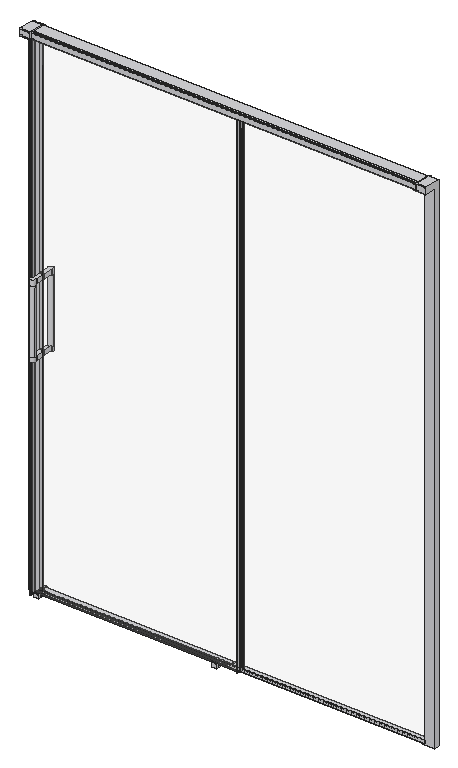
Revit family "Shower-Shower_Door-KOHLER-COMPOSED-1.1922.021_1", category Specialty Equipment, host Face, Revit 2017
Family settings
  Host = Face
  Round Connector Dimension = Use Diameter
  Part Type = Normal
  OmniClass Number = 23.31.17.17
  OmniClass Title = Shower Enclosures
  Cut with Voids When Loaded = No
  Shared = No
  Room Calculation Point = No
Parameters (values of type "Polished Chrome")
  Width [instance] = 63"
  WaterSense Certified = 1 = 0  # no
  URL = "https://www.kohler.co.uk/"
  Type = 1
  Product Page URL = ""
  Product Name = "COMPOSED"  # constant formula
  Product Documentation Link = ""
  Model = "1.1922.021"  # constant formula
  Material = "Premium Metal Construction"  # constant formula
  Master Format 2014 Name = "Shower Doors"  # constant formula
  Master Format 2014 = "10 28 19.16"  # constant formula
  Manufacturer Address = "Cromwell Road, Cheltenham, Gloucestershire. GL52 5EP Registered in England No. 252115\r\n"  # constant formula
  Manufacturer = "KOHLER Co."  # constant formula
  Length = 4 85/256"  # constant formula
  Height = 78 105/128"  # constant formula
  Head Clearance = 77 51/64"  # constant formula
  Finish = Kohler-Metal-CP-Polished_Chrome
  Environmental Product Declaration = ""
  Description = "SLIDING DOOR INLINE 1600"  # constant formula
  Default Elevation = 4"
  Declare Label = ""
  Date Modified = "10/21/2021"  # constant formula
  Date Created = "10/21/2021"  # constant formula
  Copyright = "Copyright KOHLER Co."  # constant formula
  Contact Us = "https://www.kohler.co.uk/support/contact/"
  Assembly Code = "C1030200"
  ADA Compliant = 1 = 0  # no
Reference planes (in)
  plane 1 "Center (Front/Back)": y = 0
  plane 2: z = 0
  plane 3 "Center (Left/Right)": x = 0
  plane 4: x = -33.14961
  plane 5: x = -30.59055
  plane 6: x = 29.85039
  plane 7: x = 28.27559
  plane 8: z = 33.77953
  plane 9: z = 45.11811
  plane 10: z = 77.79687
  plane 11: z = 78.74016
  plane 12: z = 78.82031
  plane 13: y = 1.97219
  plane 14: y = 1.25984
  plane 15: y = -1.25984
  plane 16: y = -2.35984
Dimensions and locks (in)
  locked: plane 6 to plane 7 at 1.5748
  locked: plane 3 "Center (Left/Right)" to plane 4 at 33.14961
  "Width": plane 4 to plane 6
  locked: plane 8 to plane 2 at 33.77953
  locked: plane 9 to plane 8 at 11.33858
  "Head Clearance": plane 10 to plane 2
  locked: plane 11 to plane 2 at 78.74016
  "Height": plane 12 to plane 2
  locked: plane 15 to plane 14 at 2.51969
  "Length": plane 16 to plane 13
  plane 4 to plane 5 = 2.55906"
  aligned and locked: plane 2 to host face
  aligned and locked: level to host face
  aligned and locked: plane 1 "Center (Front/Back)" to nested 1
  aligned and locked: plane 3 "Center (Left/Right)" to nested 1
Automatic sketch dimensions
  host sketch curve to host sketch curve = 96"  (x2)
Nested families (in)
  nested 1: "1.1922.021" at (-2.83465, 0, 0), type "1.1922.021"
Definition of nested family "1.1922.021"
  Parameters (values of type "1.1922.021")
    Width = 62.99213"
    Material = none
  Reference planes (in)
    plane 1 "Center (Front/Back)": y = 0
    plane 2: z = 0
    plane 3 "Center (Left/Right)": x = 0
    plane 4: y = 1.25984
    plane 5: y = -1.25984
    plane 6: x = 32.67717
    plane 7: x = 2.83465
    plane 8: y = 1.97219
    plane 9: y = -2.35852
    plane 10: y = -0.35064
    plane 11: y = -0.03568
    plane 12: z = 78.74016
    plane 13: z = 77.79528
    plane 14: z = 45.11811
    plane 15: z = 33.77953
    plane 16: x = 31.10236
    plane 17: z = 78.8189
    plane 18: x = -30.31496
    plane 19: x = -27.75591
  Forms (in)
    Extrusion 1, solid, material <- "Material", detail levels medium+fine
      sketch origin (0, 0, 0) x (0, 1, 0) y (0, 0, 1)
        loop
          arc (-1.22047, 78.8189) -> (-1.24831, 78.80737) -> (-1.25984, 78.77953) r 0.03937
          line (-1.25984, 78.77953) -> (-1.25984, 77.83465)
          arc (-1.25984, 77.83465) -> (-1.24831, 77.80681) -> (-1.22047, 77.79528) r 0.03937
          line (-1.22047, 77.79528) -> (0.53525, 77.79528) -> (0.53525, 0) -> (1.25984, 0) -> (1.25984, 78.77953)
          arc (1.25984, 78.77953) -> (1.24831, 78.80737) -> (1.22047, 78.8189) r 0.03937
          line (1.22047, 78.8189) -> (-1.22047, 78.8189)
      from 31.10236 to 32.67717
    Extrusion 2, solid, material <- "Material", detail levels medium+fine
      sketch origin (1.42856, 0, 0) x (0, 0, 1) y (0, -1, 0)
        loop
          arc (77.83465, 1.25984) -> (77.80681, 1.24831) -> (77.79528, 1.22047) r 0.03937
          line (77.79528, 1.22047) -> (77.79528, -1.22047)
          arc (77.79528, -1.22047) -> (77.80681, -1.24831) -> (77.83465, -1.25984) r 0.03937
          line (77.83465, -1.25984) -> (78.77953, -1.25984)
          arc (78.77953, -1.25984) -> (78.80737, -1.24831) -> (78.8189, -1.22047) r 0.03937
          line (78.8189, -1.22047) -> (78.8189, 1.22047)
          arc (78.8189, 1.22047) -> (78.80737, 1.24831) -> (78.77953, 1.25984) r 0.03937
          line (78.77953, 1.25984) -> (77.83465, 1.25984)
      from -31.74352 to -30.16871
    Extrusion 3, solid, material <- "Material", detail levels medium+fine
      sketch origin (0, 0, 0) x (1, 0, 0) y (0, 1, 0)
        loop
          arc (-30.27559, 0.63846) -> (-30.28116, 0.62428) -> (-30.29488, 0.61767) r 0.02085
          arc (-30.29488, 0.61767) -> (-30.30917, 0.61079) -> (-30.31496, 0.59602) r 0.02171
          line (-30.31496, 0.59602) -> (-30.31496, 0.56349)
          arc (-30.31496, 0.56349) -> (-30.30891, 0.54839) -> (-30.29411, 0.54164) r 0.02187
          arc (-30.29411, 0.54164) -> (-29.89133, 0.52763) -> (-29.48833, 0.52321) r 16.93887
          line (-29.48833, 0.52321) -> (-29.48833, -0.35909)
          arc (-29.48833, -0.35909) -> (-29.47484, -0.38898) -> (-29.4435, -0.39862) r 0.03984
          line (-29.4435, -0.39862) -> (-29.25176, -0.37439)
          arc (-29.25176, -0.37439) -> (-29.22787, -0.3436) -> (-29.25866, -0.31971) r 0.02756
          line (-29.25866, -0.31971) -> (-29.42202, -0.34035)
          arc (-29.42202, -0.34035) -> (-29.44085, -0.33455) -> (-29.44896, -0.3166) r 0.02394
          line (-29.44896, -0.3166) -> (-29.44896, -0.04168)
          arc (-29.44896, -0.04168) -> (-29.44091, -0.02392) -> (-29.42224, -0.01826) r 0.02362
          line (-29.42224, -0.01826) -> (-29.25968, -0.03979)
          arc (-29.25968, -0.03979) -> (-29.22874, -0.01609) -> (-29.25244, 0.01485) r 0.02756
          line (-29.25244, 0.01485) -> (-29.45683, 0.04191) -> (-29.45683, 0.52327)
          arc (-29.45683, 0.52327) -> (-29.09357, 0.52817) -> (-28.73049, 0.54087) r 16.93887
          arc (-28.73049, 0.54087) -> (-28.70382, 0.553) -> (-28.69291, 0.5802) r 0.03937
          line (-28.69291, 0.5802) -> (-28.69291, 1.2026)
          arc (-28.69291, 1.2026) -> (-28.70382, 1.22979) -> (-28.73049, 1.24193) r 0.03937
          arc (-28.73049, 1.24193) -> (-29.51231, 1.25959) -> (-30.29411, 1.24116) r 16.93887
          arc (-30.29411, 1.24116) -> (-30.30891, 1.23441) -> (-30.31496, 1.21931) r 0.02187
          line (-30.31496, 1.21931) -> (-30.31496, 1.18677)
          arc (-30.31496, 1.18677) -> (-30.30917, 1.17201) -> (-30.29488, 1.16513) r 0.02171
          arc (-30.29488, 1.16513) -> (-30.28116, 1.15852) -> (-30.27559, 1.14434) r 0.02085
          line (-30.27559, 1.14434) -> (-30.27559, 0.63846)
      from 0 to 77.79528
    Extrusion 4, solid, material <- "Material", detail levels medium+fine
      sketch origin (0, 0, 0) x (0, 1, 0) y (0, 0, 1)
        loop
          line (-0.55151, 0) -> (0.53525, 0) -> (0.53525, 0.57577)
          arc (0.53525, 0.57577) -> (0.52746, 0.59457) -> (0.50866, 0.60236) r 0.02659
          line (0.50866, 0.60236) -> (0.08257, 0.60236)
          arc (0.08257, 0.60236) -> (0.06571, 0.59538) -> (0.05873, 0.57852) r 0.02384
          line (0.05873, 0.57852) -> (0.05873, 0.54471)
          arc (0.05873, 0.54471) -> (0.0649, 0.5298) -> (0.07982, 0.52362) r 0.02109
          line (0.07982, 0.52362) -> (0.42064, 0.52362)
          arc (0.42064, 0.52362) -> (0.43616, 0.51719) -> (0.44259, 0.50168) r 0.02195
          line (0.44259, 0.50168) -> (0.44259, 0.05924)
          arc (0.44259, 0.05924) -> (0.43129, 0.03197) -> (0.40401, 0.02067) r 0.03858
          line (0.40401, 0.02067) -> (-0.4269, 0.02067)
          arc (-0.4269, 0.02067) -> (-0.44541, 0.02834) -> (-0.45308, 0.04685) r 0.02618
          line (-0.45308, 0.04685) -> (-0.45308, 0.58105)
          arc (-0.45308, 0.58105) -> (-0.45933, 0.59612) -> (-0.4744, 0.60236) r 0.02131
          line (-0.4744, 0.60236) -> (-0.52844, 0.60236)
          arc (-0.52844, 0.60236) -> (-0.54475, 0.59561) -> (-0.55151, 0.5793) r 0.02307
          line (-0.55151, 0.5793) -> (-0.55151, 0)
      from -28.69291 to -27.90551
    Extrusion 5, solid, material <- "Material", detail levels medium+fine
      sketch origin (0, 0, 0) x (0, 1, 0) y (0, 0, 1)
        loop
          line (1.16693, 0.02339) -> (1.16693, 0.58165)
          arc (1.16693, 0.58165) -> (1.16086, 0.5963) -> (1.14622, 0.60236) r 0.02071
          line (1.14622, 0.60236) -> (0.61574, 0.60236) -> (0.61574, 0.02343)
          arc (0.61574, 0.02343) -> (0.63937, -0.00019) -> (0.66299, 0.02343) r 0.02362
          line (0.66299, 0.02343) -> (0.66299, 0.05786)
          arc (0.66299, 0.05786) -> (0.6691, 0.07262) -> (0.68387, 0.07874) r 0.02088
          line (0.68387, 0.07874) -> (1.09896, 0.07874)
          arc (1.09896, 0.07874) -> (1.11361, 0.07267) -> (1.11968, 0.05802) r 0.02072
          line (1.11968, 0.05802) -> (1.11968, 0.02339)
          arc (1.11968, 0.02339) -> (1.1433, -0.00023) -> (1.16693, 0.02339) r 0.02362
      from -28.37795 to 31.10236
    Extrusion 6, solid, material <- "Material", detail levels medium+fine
      sketch origin (0, 0, 0) x (0, 1, 0) y (0, 0, 1)
        loop
          line (1.16693, 0.62377) -> (1.16693, 0.66823)
          arc (1.16693, 0.66823) -> (1.16112, 0.68202) -> (1.1472, 0.6875) r 0.01927
          line (1.1472, 0.6875) -> (0.41322, 0.67006) -> (0.09963, 0.66121)
          arc (0.09963, 0.66121) -> (0.08592, 0.64689) -> (0.10005, 0.63298) r 0.01411
          line (0.10005, 0.63298) -> (0.57051, 0.63386) -> (0.60201, 0.60236) -> (1.14551, 0.60236)
          arc (1.14551, 0.60236) -> (1.16065, 0.60863) -> (1.16693, 0.62377) r 0.02141
      from -28.37795 to 1.13761
    Extrusion 7, solid, material <- "Material", detail levels medium+fine
      sketch origin (0, 0, 0) x (0, 1, 0) y (0, 0, 1)
        loop
          line (-0.59786, 0) -> (0.61574, 0) -> (0.61574, 0.6752) -> (0.04143, 0.6752)
          arc (0.04143, 0.6752) -> (0.01359, 0.66367) -> (0.00206, 0.63583) r 0.03937
          line (0.00206, 0.63583) -> (0.00206, 0.1378)
          arc (0.00206, 0.1378) -> (-0.00947, 0.10996) -> (-0.03731, 0.09843) r 0.03937
          line (-0.03731, 0.09843) -> (-0.35227, 0.09843)
          arc (-0.35227, 0.09843) -> (-0.38011, 0.10996) -> (-0.39164, 0.1378) r 0.03937
          line (-0.39164, 0.1378) -> (-0.39164, 0.63583)
          arc (-0.39164, 0.63583) -> (-0.40317, 0.66367) -> (-0.43101, 0.6752) r 0.03937
          line (-0.43101, 0.6752) -> (-0.55849, 0.6752)
          arc (-0.55849, 0.6752) -> (-0.58633, 0.66367) -> (-0.59786, 0.63583) r 0.03937
          line (-0.59786, 0.63583) -> (-0.59786, 0)
      from -1.12015 to -0.25565
    Extrusion 8, solid, material <- "Material", detail levels medium+fine
      sketch origin (0, 0, 0) x (1, 0, 0) y (0, 1, 0)
        loop
          arc (2.79513, -0.34282) -> (2.78821, -0.35812) -> (2.77215, -0.363) r 0.02035
          line (2.77215, -0.363) -> (2.67743, -0.35064)
          arc (2.67743, -0.35064) -> (2.66615, -0.34036) -> (2.65173, -0.33538) r 0.03783
          line (2.65173, -0.33538) -> (2.6205, -0.3313)
          arc (2.6205, -0.3313) -> (2.58961, -0.35506) -> (2.61337, -0.38596) r 0.02756
          line (2.61337, -0.38596) -> (2.77372, -0.40688)
          arc (2.77372, -0.40688) -> (2.81894, -0.39312) -> (2.83844, -0.35006) r 0.0573
          line (2.83844, -0.35006) -> (2.83844, 0.18323)
          arc (2.83844, 0.18323) -> (2.81573, 0.32364) -> (2.74992, 0.44974) r 0.44544
          arc (2.74992, 0.44974) -> (2.70733, 0.4854) -> (2.65328, 0.49819) r 0.12061
          line (2.65328, 0.49819) -> (2.58229, 0.49819)
          arc (2.58229, 0.49819) -> (2.55866, 0.47457) -> (2.58229, 0.45094) r 0.02362
          line (2.58229, 0.45094) -> (2.65291, 0.45094)
          arc (2.65291, 0.45094) -> (2.68139, 0.44454) -> (2.70438, 0.42655) r 0.06648
          arc (2.70438, 0.42655) -> (2.76884, 0.3124) -> (2.7912, 0.18323) r 0.38438
          line (2.7912, 0.18323) -> (2.7912, 0.02575) -> (2.61213, 0.0058)
          arc (2.61213, 0.0058) -> (2.58774, -0.02501) -> (2.61877, -0.04911) r 0.02765
          line (2.61877, -0.04911) -> (2.65, -0.04503)
          arc (2.65, -0.04503) -> (2.66516, -0.03996) -> (2.6773, -0.02956) r 0.04168
          line (2.6773, -0.02956) -> (2.77094, -0.01734)
          arc (2.77094, -0.01734) -> (2.78784, -0.02248) -> (2.79513, -0.03858) r 0.02142
          line (2.79513, -0.03858) -> (2.79513, -0.34282)
        loop
          arc (2.36202, 1.13142) -> (2.36895, 1.14671) -> (2.38501, 1.1516) r 0.02035
          line (2.38501, 1.1516) -> (2.47973, 1.13924)
          arc (2.47973, 1.13924) -> (2.49101, 1.12896) -> (2.50543, 1.12398) r 0.03783
          line (2.50543, 1.12398) -> (2.53666, 1.1199)
          arc (2.53666, 1.1199) -> (2.56755, 1.14366) -> (2.54379, 1.17455) r 0.02756
          line (2.54379, 1.17455) -> (2.38344, 1.19548)
          arc (2.38344, 1.19548) -> (2.33821, 1.18172) -> (2.31872, 1.13866) r 0.0573
          line (2.31872, 1.13866) -> (2.31872, 0.60537)
          arc (2.31872, 0.60537) -> (2.34143, 0.46496) -> (2.40724, 0.33886) r 0.44544
          arc (2.40724, 0.33886) -> (2.44983, 0.3032) -> (2.50388, 0.29041) r 0.12061
          line (2.50388, 0.29041) -> (2.57487, 0.29041)
          arc (2.57487, 0.29041) -> (2.59849, 0.31403) -> (2.57487, 0.33765) r 0.02362
          line (2.57487, 0.33765) -> (2.50424, 0.33765)
          arc (2.50424, 0.33765) -> (2.47576, 0.34406) -> (2.45277, 0.36205) r 0.06648
          arc (2.45277, 0.36205) -> (2.38831, 0.4762) -> (2.36596, 0.60537) r 0.38438
          line (2.36596, 0.60537) -> (2.36596, 0.76285) -> (2.54503, 0.7828)
          arc (2.54503, 0.7828) -> (2.56942, 0.8136) -> (2.53839, 0.83771) r 0.02765
          line (2.53839, 0.83771) -> (2.50716, 0.83363)
          arc (2.50716, 0.83363) -> (2.492, 0.82856) -> (2.47986, 0.81815) r 0.04168
          line (2.47986, 0.81815) -> (2.38622, 0.80593)
          arc (2.38622, 0.80593) -> (2.36931, 0.81108) -> (2.36202, 0.82718) r 0.02142
          line (2.36202, 0.82718) -> (2.36202, 1.13142)
      from 0.36643 to 77.79528
    Extrusion 9, solid, material <- "Material", detail levels medium+fine
      sketch origin (0, 0, 0) x (0, 1, 0) y (0, 0, 1)
        loop
          arc (-1.1649, 77.8382) -> (-1.15233, 77.80785) -> (-1.12198, 77.79528) r 0.04292
          line (-1.12198, 77.79528) -> (-0.48364, 77.79528)
          arc (-0.48364, 77.79528) -> (-0.45804, 77.82087) -> (-0.48364, 77.84647) r 0.0256
          line (-0.48364, 77.84647) -> (-1.08616, 77.84647) -> (-1.08616, 78.55868) -> (-0.74681, 78.55868) -> (-0.63621, 78.6693) -> (0.25573, 78.6693) -> (0.25573, 77.84646) -> (0.10897, 77.84646)
          arc (0.10897, 77.84646) -> (0.08338, 77.82087) -> (0.10897, 77.79528) r 0.02559
          line (0.10897, 77.79528) -> (1.13549, 77.79528)
          arc (1.13549, 77.79528) -> (1.16333, 77.80681) -> (1.17486, 77.83465) r 0.03937
          line (1.17486, 77.83465) -> (1.17486, 78.7008)
          arc (1.17486, 78.7008) -> (1.16333, 78.72864) -> (1.13549, 78.74017) r 0.03937
          line (1.13549, 78.74017) -> (-0.66557, 78.74017) -> (-0.77617, 78.62955) -> (-1.01238, 78.62955) -> (-1.11296, 78.73011)
          arc (-1.11296, 78.73011) -> (-1.14612, 78.73671) -> (-1.1649, 78.7086) r 0.03043
          line (-1.1649, 78.7086) -> (-1.1649, 77.8382)
      from -28.74016 to 31.10236
    Extrusion 10, solid, detail levels medium+fine
      sketch origin (0, 0, 0) x (1, 0, 0) y (0, 1, 0)
        loop
          line (-29.44896, -0.07505) -> (-29.44896, -0.31127) -> (-29.40959, -0.35064) -> (2.75576, -0.35064) -> (2.79513, -0.31127) -> (2.79513, -0.07505) -> (2.75576, -0.03568) -> (-29.40959, -0.03568) -> (-29.44896, -0.07505)
        loop
          line (31.69273, 0.80669) -> (31.69273, 1.04291) -> (31.65336, 1.08228) -> (2.40139, 1.08228) -> (2.36202, 1.04291) -> (2.36202, 0.80669) -> (2.40139, 0.76732) -> (31.65336, 0.76732) -> (31.69273, 0.80669)
      from 0.36643 to 78.24803
    Extrusion 11, solid, material <- "Material"
      sketch origin (-9.52847, 0, 0) x (1, 0, 0) y (0, 1, 0)
        loop
          line (-17.93321, -0.39001) -> (-18.04861, -0.39001) -> (-18.04861, 0.00369) -> (-17.93321, 0.00369) -> (-17.93321, 1.25102)
          arc (-17.93321, 1.25102) -> (-17.92474, 1.30814) -> (-17.90005, 1.36036) r 0.19685
          arc (-17.90005, 1.36036) -> (-18.22616, 1.97274) -> (-18.55622, 1.36248) r 0.3937
          arc (-18.55622, 1.36248) -> (-18.53205, 1.31071) -> (-18.52376, 1.25419) r 0.19685
          line (-18.52376, 1.25419) -> (-18.52376, 0.00369) -> (-18.40392, 0.00369) -> (-18.40392, -0.39001) -> (-18.52376, -0.39001) -> (-18.52376, -1.64052)
          arc (-18.52376, -1.64052) -> (-18.53205, -1.69704) -> (-18.55622, -1.7488) r 0.19685
          arc (-18.55622, -1.7488) -> (-18.22616, -2.35906) -> (-17.90005, -1.74668) r 0.3937
          arc (-17.90005, -1.74668) -> (-17.92474, -1.69447) -> (-17.93321, -1.63734) r 0.19685
          line (-17.93321, -1.63734) -> (-17.93321, -0.39001)
      from 44.40186 to 45.11811
    Extrusion 12, solid, material <- "Material"
      sketch origin (-9.52847, 0, 0) x (1, 0, 0) y (0, 1, 0)
        loop
          line (-17.93321, -0.39001) -> (-18.04861, -0.39001) -> (-18.04861, 0.00369) -> (-17.93321, 0.00369) -> (-17.93321, 1.25102)
          arc (-17.93321, 1.25102) -> (-17.92474, 1.30814) -> (-17.90005, 1.36036) r 0.19685
          arc (-17.90005, 1.36036) -> (-18.22616, 1.97274) -> (-18.55622, 1.36248) r 0.3937
          arc (-18.55622, 1.36248) -> (-18.53205, 1.31071) -> (-18.52376, 1.25419) r 0.19685
          line (-18.52376, 1.25419) -> (-18.52376, 0.00369) -> (-18.40392, 0.00369) -> (-18.40392, -0.39001) -> (-18.52376, -0.39001) -> (-18.52376, -1.64052)
          arc (-18.52376, -1.64052) -> (-18.53205, -1.69704) -> (-18.55622, -1.7488) r 0.19685
          arc (-18.55622, -1.7488) -> (-18.22616, -2.35906) -> (-17.90005, -1.74668) r 0.3937
          arc (-17.90005, -1.74668) -> (-17.92474, -1.69447) -> (-17.93321, -1.63734) r 0.19685
          line (-17.93321, -1.63734) -> (-17.93321, -0.39001)
      from 33.77953 to 34.4806
    Extrusion 13, solid, material <- "Material"
      sketch origin (-9.52847, 0, 0) x (1, 0, 0) y (0, 1, 0)
        loop
          circle (-18.22743, 1.57904) r 0.3937
        loop
          circle (-18.22743, -1.96536) r 0.3937
      from 34.4806 to 44.40186
    Extrusion 14, solid, material <- "Material", detail levels medium+fine
      sketch origin (0, -4.7515, 0) x (0, 1, 0) y (0, 0, 1)
        loop
          line (5.97103, 0.78803) -> (5.31384, 0.77242)
          arc (5.31384, 0.77242) -> (5.28661, 0.76057) -> (5.2754, 0.73306) r 0.03937
          line (5.2754, 0.73306) -> (5.2754, 0) -> (5.33234, 0) -> (5.33234, 0.68659) -> (5.91108, 0.70034) -> (5.91108, 0) -> (6.01134, 0) -> (6.01134, 0.74867)
          arc (6.01134, 0.74867) -> (5.99947, 0.77684) -> (5.97103, 0.78803) r 0.03937
      from -28.69291 to -28.37795
    Extrusion 15, solid, material <- "Material", detail levels coarse
      sketch origin (0, 0, 0) x (1, 0, 0) y (0, 0, 1)
        loop
          line (-28.69291, 77.79528) -> (-28.69291, 0.67403) -> (2.31872, 0.67403) -> (2.31872, 77.79528) -> (-28.69291, 77.79528)
        loop
          line (32.67717, 78.8189) -> (-30.31496, 78.8189) -> (-30.31496, 0) -> (32.67717, 0) -> (32.67717, 78.8189)
        loop
          line (2.83844, 77.79528) -> (2.83844, 0.67403) -> (31.10236, 0.67403) -> (31.10236, 77.79528) -> (2.83844, 77.79528)
      from -1.25984 to 1.25984
    Extrusion 16, solid, detail levels coarse
      sketch origin (0, 0, 0) x (1, 0, 0) y (0, 0, 1)
        loop
          line (-28.69291, 77.79528) -> (-28.69291, 0.67403) -> (2.31872, 0.67403) -> (2.31872, 77.79528) -> (-28.69291, 77.79528)
      from 0.03568 to 0.35064
    Extrusion 17, solid, detail levels coarse
      sketch origin (0, 0, 0) x (1, 0, 0) y (0, 0, 1)
        loop
          line (2.83844, 77.79528) -> (2.83844, 0.67403) -> (31.10236, 0.67403) -> (31.10236, 77.79528) -> (2.83844, 77.79528)
      from -1.08228 to -0.76732
  Cuts and joins
    joined: Extrusion 3, Extrusion 6, Extrusion 9
    joined: Extrusion 1, Extrusion 2
    joined: Extrusion 4, Extrusion 7, Extrusion 8
    joined: Extrusion 11, Extrusion 12, Extrusion 13
    joined: Extrusion 5, Extrusion 14
    joined: Extrusion 16, Extrusion 17
  Lines and regions (in)
    Masking region 1
      outline origin (0, 0, 0) x (1, 0, 0) y (0, 1, 0)
        loop
          line (-30.31496, 1.25984) -> (-30.31496, -1.25984) -> (-28.74016, -1.25984) -> (-28.74016, -1.1649) -> (-28.05478, -1.1649) -> (-28.05478, -1.64052)
          arc (-28.05478, -1.64052) -> (-28.06307, -1.69704) -> (-28.08724, -1.7488) r 0.19685
          arc (-28.08724, -1.7488) -> (-27.75718, -2.35906) -> (-27.43107, -1.74668) r 0.3937
          arc (-27.43107, -1.74668) -> (-27.45576, -1.69447) -> (-27.46423, -1.63734) r 0.19685
          line (-27.46423, -1.63734) -> (-27.46423, -1.1649) -> (-21.87022, -1.1649) -> (31.10236, -1.1649) -> (31.10236, -1.25984) -> (32.67717, -1.25984) -> (32.67717, 1.25984) -> (31.10236, 1.25984) -> (31.10236, 1.17486) -> (-21.87022, 1.17486) -> (-27.46423, 1.17486) -> (-27.46423, 1.25102)
          arc (-27.46423, 1.25102) -> (-27.45576, 1.30814) -> (-27.43107, 1.36036) r 0.19685
          arc (-27.43107, 1.36036) -> (-27.75718, 1.97274) -> (-28.08724, 1.36248) r 0.3937
          arc (-28.08724, 1.36248) -> (-28.06307, 1.31071) -> (-28.05478, 1.25419) r 0.19685
          line (-28.05478, 1.25419) -> (-28.05478, 1.17486) -> (-28.74016, 1.17486) -> (-28.74016, 1.25984) -> (-30.31496, 1.25984)
    Masking region 2
      outline origin (0, 0, 0) x (1, 0, 0) y (0, 0, 1)
        loop
          line (-30.31496, 78.8189) -> (-30.31496, 0) -> (32.67717, 0) -> (32.67717, 78.8189) -> (31.10236, 78.8189) -> (31.10236, 78.74016) -> (-28.74016, 78.74016) -> (-28.74016, 78.8189) -> (-30.31496, 78.8189)
    Masking region 3
      outline origin (1.42856, 0, 0) x (0, 0, 1) y (0, -1, 0)
        loop
          arc (77.83465, 1.25984) -> (77.80681, 1.24831) -> (77.79528, 1.22047) r 0.03937
          line (77.79528, 1.22047) -> (77.79528, 0.40688) -> (45.11811, 0.40688) -> (45.11811, 2.35852) -> (33.77953, 2.35852) -> (33.77953, 0.40688) -> (0.6752, 0.40688) -> (0.6752, 0.55849)
          arc (0.6752, 0.55849) -> (0.66367, 0.58633) -> (0.63583, 0.59786) r 0.03937
          line (0.63583, 0.59786) -> (0, 0.59786) -> (0, -1.25984) -> (33.77953, -1.25984) -> (33.77953, -1.97219) -> (45.11811, -1.97219) -> (45.11811, -1.25984) -> (78.77953, -1.25984)
          arc (78.77953, -1.25984) -> (78.80737, -1.24831) -> (78.8189, -1.22047) r 0.03937
          line (78.8189, -1.22047) -> (78.8189, 1.22047)
          arc (78.8189, 1.22047) -> (78.80737, 1.24831) -> (78.77953, 1.25984) r 0.03937
          line (78.77953, 1.25984) -> (77.83465, 1.25984)
        loop
          line (44.40186, 1.57111) -> (34.4806, 1.57111) -> (34.4806, 0.40688) -> (44.40186, 0.40688) -> (44.40186, 1.57111)
    symbolic lines, detail levels medium+fine
      curve 1: line (-28.74016, 1.25984, 0) -> (-28.74016, -1.1649, 0)
      curve 2: line (-19.76379, 1.17486, 0) -> (-20.07874, 1.17486, 0)
      curve 3: line (-17.93321, 1.17486, 0) -> (-18.52376, 1.17486, 0)
      curve 4: line (-18.52376, -1.1649, 0) -> (-17.93321, -1.1649, 0)
      curve 5: line (-28.74016, -0.66557, 0) -> (31.10236, -0.66557, 0)
      curve 6: line (-28.74016, -0.77617, 0) -> (31.10236, -0.77617, 0)
      curve 7: line (-28.74016, -1.01238, 0) -> (31.10236, -1.01238, 0)
      curve 8: line (31.10236, 1.17486, 0) -> (31.10236, -1.1649, 0)
      curve 9: circle (29.52718, 0.9058, 0) r 0.15748 normal (0, 0, 1)
      curve 10: circle (-12.02435, 0.41322, 0) r 0.23622 normal (0, 0, 1)
      curve 11: line (-29.48833, 0, 77.79528) -> (-29.48833, 0, 0.73509)
      curve 12: line (-29.22765, 0, 77.60847) -> (-29.22765, 0, 0.73509)
      curve 13: line (-29.22765, 0, 77.60847) -> (-29.48833, 0, 77.60847)
      curve 14: line (-29.22765, 0, 0.73509) -> (-29.48833, 0, 0.73509)
      curve 15: line (-28.42521, 0, 0.01004) -> (-28.42521, 0, 0.61241)
      curve 16: line (2.83844, 0, 0.36643) -> (-0.25565, 0, 0.36643)
      curve 17: line (-29.44896, 0, 0.37647) -> (-29.44896, 0, 0.73509)
      curve 18: line (-29.22765, 0, 0.61241) -> (-28.42521, 0, 0.61241)
      curve 19: line (-29.22765, 0, 0.37647) -> (-29.44896, 0, 0.37647)
      curve 20: line (-1.12015, 0, 0.6752) -> (-1.12015, 0, 0)
      curve 21: line (-0.25565, 0, 0) -> (-0.25565, 0, 0.6752)
      curve 22: line (-1.12015, 0, 0.6752) -> (-0.25565, 0, 0.6752)
      curve 23: line (-1.12015, 0, 0.36643) -> (-28.42521, 0, 0.36643)
      curve 24: line (2.58229, 0, 0.36643) -> (2.58229, 0, 77.79528)
      curve 25: line (2.83844, 0, 0.36643) -> (2.83844, 0, 77.79528)
      curve 26: line (31.10236, 0, 0.60236) -> (2.83844, 0, 0.60236)
      curve 27: line (31.10236, 0, 78.74016) -> (31.10236, 0, 0)
      curve 28: line (-28.74016, 0, 77.79528) -> (31.10236, 0, 77.79528)
      curve 29: line (31.10236, 0, 77.70375) -> (32.67717, 0, 77.70375)
      curve 30: line (-30.31496, 0, 77.79528) -> (-28.74016, 0, 77.79528)
      curve 31: line (-28.74016, 0, 78.7502) -> (-28.74016, 0, 77.79528)
      curve 32: line (-28.14961, 0, 45.11811) -> (-27.3622, 0, 45.11811)
      curve 33: line (-28.14961, 0, 33.77953) -> (-28.14961, 0, 45.11811)
      curve 34: line (-27.3622, 0, 33.77953) -> (-28.14961, 0, 33.77953)
      curve 35: line (-27.3622, 0, 45.11811) -> (-27.3622, 0, 33.77953)
      curve 36: line (1.42856, 1.25984, 77.79528) -> (1.42856, -0.39893, 77.79528)
      curve 37: line (1.42856, 0.53525, 77.79528) -> (1.42856, 0.53525, 0)
      curve 38: line (1.42856, 1.16385, 0) -> (1.42856, 1.16385, 77.79528)
      curve 39: line (1.42856, 0.62487, 0) -> (1.42856, 0.62487, 77.79528)
      curve 40: line (1.42856, -1.74668, 44.4806) -> (1.42856, -1.74668, 45.11811)
      curve 41: line (1.42856, -1.66794, 44.40186) -> (1.42856, -1.57166, 44.40186)
      curve 42: line (1.42856, 1.36248, 44.47939) -> (1.42856, 1.36248, 45.11811)
      curve 43: line (1.42856, 1.28494, 44.40186) -> (1.42856, 1.25984, 44.40186)
      curve 44: line (1.42856, -0.40688, 44.40186) -> (1.42856, -0.40688, 45.11811)
      curve 45: line (1.42856, 1.25984, 45.11811) -> (1.42856, 1.25984, 33.77953)
      curve 46: arc (1.42856, -1.74668, 44.4806) -> (1.42856, -1.72362, 44.42492) -> (1.42856, -1.66794, 44.40186) r 0.07874
      curve 47: arc (1.42856, 1.36248, 44.47939) -> (1.42856, 1.33977, 44.42457) -> (1.42856, 1.28494, 44.40186) r 0.07753
      curve 48: line (1.42856, -1.74668, 34.41704) -> (1.42856, -1.74668, 33.77953)
      curve 49: line (1.42856, -1.66794, 34.49578) -> (1.42856, -1.57166, 34.49578)
      curve 50: line (1.42856, 1.36248, 34.38804) -> (1.42856, 1.36248, 33.77953)
      curve 51: line (1.42856, -0.40688, 34.49578) -> (1.42856, -0.40688, 33.77953)
      curve 52: arc (1.42856, -1.74668, 34.41704) -> (1.42856, -1.72362, 34.47272) -> (1.42856, -1.66794, 34.49578) r 0.07874
      curve 53: line (1.42856, 1.25984, 34.46678) -> (1.42856, 1.28374, 34.46678)
      curve 54: arc (1.42856, 1.28374, 34.46678) -> (1.42856, 1.33941, 34.44371) -> (1.42856, 1.36248, 34.38804) r 0.07874
      curve 55: line (1.42856, -0.40688, 0.6752) -> (1.42856, 0.53525, 0.6752)
      curve 56: line (1.42856, -0.55151, 0.5793) -> (1.42856, -0.55151, 0)
      curve 57: line (1.42856, -0.40688, 0.09843) -> (1.42856, -0.4269, 0.09843)
      curve 58: arc (1.42856, -0.4269, 0.09843) -> (1.42856, -0.44541, 0.10609) -> (1.42856, -0.45308, 0.12461) r 0.02618
      curve 59: line (1.42856, -0.45308, 0.12461) -> (1.42856, -0.45308, 0.58105)
      curve 60: line (1.42856, -0.4744, 0.60236) -> (1.42856, -0.52844, 0.60236)
      curve 61: arc (1.42856, -0.45308, 0.58105) -> (1.42856, -0.45933, 0.59612) -> (1.42856, -0.4744, 0.60236) r 0.02131
      curve 62: arc (1.42856, -0.52844, 0.60236) -> (1.42856, -0.54475, 0.59561) -> (1.42856, -0.55151, 0.5793) r 0.02307
      curve 63: line (1.42856, 0.08257, 0.60236) -> (1.42856, 0.50866, 0.60236)
      curve 64: arc (1.42856, 0.50866, 0.60236) -> (1.42856, 0.52746, 0.59457) -> (1.42856, 0.53525, 0.57577) r 0.02659
      curve 65: line (1.42856, -0.4269, 0.09843) -> (1.42856, 0.40401, 0.09843)
      curve 66: arc (1.42856, 0.40401, 0.09843) -> (1.42856, 0.43129, 0.10972) -> (1.42856, 0.44259, 0.137) r 0.03858
      curve 67: line (1.42856, 0.44259, 0.137) -> (1.42856, 0.44259, 0.50168)
      curve 68: arc (1.42856, 0.44259, 0.50168) -> (1.42856, 0.43616, 0.51719) -> (1.42856, 0.42064, 0.52362) r 0.02195
      curve 69: line (1.42856, 0.42064, 0.52362) -> (1.42856, 0.07982, 0.52362)
      curve 70: arc (1.42856, 0.07982, 0.52362) -> (1.42856, 0.0649, 0.5298) -> (1.42856, 0.05873, 0.54471) r 0.02109
      curve 71: line (1.42856, 0.05873, 0.54471) -> (1.42856, 0.05873, 0.57852)
      curve 72: arc (1.42856, 0.05873, 0.57852) -> (1.42856, 0.06571, 0.59538) -> (1.42856, 0.08257, 0.60236) r 0.02384
      curve 73: line (1.42856, 0.00206, 0.63583) -> (1.42856, 0.00206, 0.1378)
      curve 74: arc (1.42856, 0.04143, 0.6752) -> (1.42856, 0.01359, 0.66367) -> (1.42856, 0.00206, 0.63583) r 0.03937
      curve 75: line (1.42856, -0.39164, 0.1378) -> (1.42856, -0.39164, 0.63583)
      curve 76: arc (1.42856, -0.35227, 0.09843) -> (1.42856, -0.38011, 0.10996) -> (1.42856, -0.39164, 0.1378) r 0.03937
      curve 77: arc (1.42856, 0.00206, 0.1378) -> (1.42856, -0.00947, 0.10996) -> (1.42856, -0.03731, 0.09843) r 0.03937
      curve 78: arc (1.42856, -0.39164, 0.63583) -> (1.42856, -0.40317, 0.66367) -> (1.42856, -0.43101, 0.6752) r 0.03937
      curve 79: line (-28.05478, 1.17486, 0) -> (-27.46423, 1.17486, 0)
      curve 80: line (-28.05478, -1.1649, 0) -> (-27.46423, -1.1649, 0)
      curve 81: line (-29.22765, 0, 0.61241) -> (-29.22765, 0, 0)
  Dimensions and locks (in)
    plane 5 to plane 4 = 2.51969"
    plane 9 to plane 10 = 2.00787"
    plane 8 to plane 11 = 2.00787"
    plane 12 to level = 78.74016"
    plane 13 to level = 77.79528"
    plane 15 to level = 33.77953"
    plane 14 to plane 15 = 11.33858"
    locked: plane 16 to plane 6 at 1.5748
    locked: Extrusion 10 sketch curve to plane 6 at 0.98443
    plane 7 to plane 18 = 33.14961"
    "Width": plane 6 to plane 18
    locked: plane 7 to plane 3 "Center (Left/Right)" at 2.83465
    locked: cut or joined group of Extrusion 1, Extrusion 2 to Extrusion 15 sketch curve at 1.5748
    plane 19 to plane 18 = 2.55906"
    aligned and locked: level to plane 2
    aligned and locked: Extrusion 1 to plane 6
    aligned and locked: plane 16 to Extrusion 1
    aligned and locked: plane 13 to Extrusion 3
    aligned and locked: plane 13 to Extrusion 8
    aligned and locked: Extrusion 9 to plane 16
    aligned and locked: Extrusion 5 to plane 16
    aligned and locked: plane 14 to Extrusion 11
    aligned and locked: Extrusion 12 to plane 15
    aligned and locked: Masking region 1 sketch curve to plane 4  (x2)
    aligned and locked: plane 5 to Masking region 1 sketch curve  (x2)
    aligned and locked: plane 6 to Masking region 1 sketch curve
    aligned and locked: plane 16 to Masking region 1 sketch curve  (x2)
    aligned and locked: curve 2 to Masking region 1
    aligned and locked: Masking region 1 to curve 3
    aligned and locked: Masking region 1 to curve 4
    aligned and locked: curve 5 to cut or joined group of Extrusion 3, Extrusion 6, Extrusion 9
    aligned and locked: curve 6 to cut or joined group of Extrusion 3, Extrusion 6, Extrusion 9
    aligned and locked: curve 7 to cut or joined group of Extrusion 3, Extrusion 6, Extrusion 9
    aligned and locked: plane 16 to curve 8
    aligned and locked: Masking region 2 sketch curve to plane 12
    aligned and locked: plane 6 to Masking region 2 sketch curve
    aligned and locked: Masking region 2 sketch curve to level
    aligned and locked: curve 20 to cut or joined group of Extrusion 4, Extrusion 7, Extrusion 8
    aligned and locked: curve 21 to cut or joined group of Extrusion 4, Extrusion 7, Extrusion 8
    aligned and locked: curve 26 to cut or joined group of Extrusion 5, Extrusion 14
    aligned and locked: cut or joined group of Extrusion 1, Extrusion 2 to curve 27
    aligned and locked: curve 28 to plane 13
    aligned and locked: curve 37 to cut or joined group of Extrusion 1, Extrusion 2
    aligned and locked: plane 16 to Masking region 2 sketch curve
    aligned and locked: cut or joined group of Extrusion 3, Extrusion 6, Extrusion 9 to cut or joined group of Extrusion 1, Extrusion 2
    aligned and locked: plane 6 to Extrusion 15 sketch curve
    aligned and locked: Extrusion 17 sketch curve to Extrusion 15
    aligned and locked: cut or joined group of Extrusion 1, Extrusion 2 to plane 18
  Automatic sketch dimensions
    Extrusion 4 sketch curve to level = 0"
    plane 10 to Extrusion 4 sketch curve = 0.20087"
    Extrusion 4 sketch curve to Extrusion 4 sketch curve = 0.02307"
    Extrusion 4 sketch curve to Extrusion 4 sketch curve = 0.05405"
    Extrusion 4 sketch curve to Extrusion 4 sketch curve = 0.02131"
    Extrusion 4 sketch curve to Extrusion 4 sketch curve = 0.02618"
    Extrusion 4 sketch curve to plane 1 "Center (Front/Back)" = 0.05873"
    Extrusion 4 sketch curve to Extrusion 4 sketch curve = 0.02109"
    Extrusion 4 sketch curve to Extrusion 4 sketch curve = 0.02384"
    level to Extrusion 4 sketch curve = 0.02067"
    Extrusion 4 sketch curve to plane 1 "Center (Front/Back)" = 0.40401"
    Extrusion 4 sketch curve to Extrusion 4 sketch curve = 0.34082"
    Extrusion 4 sketch curve to Extrusion 4 sketch curve = 0.02195"
    Extrusion 4 sketch curve to Extrusion 4 sketch curve = 0.08802"
    Extrusion 4 sketch curve to Extrusion 4 sketch curve = 0.13124"
    Extrusion 4 sketch curve to Extrusion 4 sketch curve = 0.44243"
    Extrusion 4 sketch curve to Extrusion 4 sketch curve = 0.0741"
    Extrusion 4 sketch curve to Extrusion 4 sketch curve = 0.53245"
    Extrusion 5 sketch curve to plane 1 "Center (Front/Back)" = 0.61574"
    Extrusion 5 sketch curve to Extrusion 5 sketch curve = 0.02362"  (x2)
    Extrusion 5 sketch curve to Extrusion 5 sketch curve = 0.02088"
    level to Extrusion 5 sketch curve = 0.05802"
    Extrusion 5 sketch curve to plane 4 = 0.16088"
    Extrusion 5 sketch curve to Extrusion 5 sketch curve = 0.02072"
    Extrusion 5 sketch curve to Extrusion 5 sketch curve = 0.02071"
    level to Extrusion 5 sketch curve = 3/128"
    level to Extrusion 5 sketch curve = 0.02339"
    Extrusion 5 sketch curve to Extrusion 5 sketch curve = 0.50291"
    Extrusion 6 sketch curve to plane 1 "Center (Front/Back)" = 0.09963"
    Extrusion 6 sketch curve to Extrusion 6 sketch curve = 0.0004"
    Extrusion 6 sketch curve to Extrusion 6 sketch curve = 0.00003"
    Extrusion 6 sketch curve to Extrusion 6 sketch curve = 0.31358"
    Extrusion 6 sketch curve to Extrusion 6 sketch curve = 0.1573"
    Extrusion 6 sketch curve to Extrusion 6 sketch curve = 0.0315"  (x2)
    Extrusion 6 sketch curve to plane 4 = 0.11433"
    Extrusion 6 sketch curve to Extrusion 6 sketch curve = 0.00168"
    Extrusion 6 sketch curve to Extrusion 6 sketch curve = 0.00046"
    Extrusion 6 sketch curve to Extrusion 6 sketch curve = 0.01927"
    level to Extrusion 6 sketch curve = 0.60236"
    Extrusion 6 sketch curve to Extrusion 6 sketch curve = 0.03062"
    Extrusion 6 sketch curve to Extrusion 6 sketch curve = 0.01411"
    Extrusion 6 sketch curve to Extrusion 6 sketch curve = 0.04446"
    Extrusion 6 sketch curve to Extrusion 6 sketch curve = 0.0362"
    Extrusion 7 sketch curve to level = 0"
    plane 10 to Extrusion 7 sketch curve = 0.24722"
    Extrusion 7 sketch curve to Extrusion 7 sketch curve = 0.03937"
    plane 10 to Extrusion 7 sketch curve = 0.08037"
    plane 10 to Extrusion 7 sketch curve = 0.041"
    plane 10 to Extrusion 7 sketch curve = 0.00163"
    plane 11 to Extrusion 7 sketch curve = 0.00163"
    Extrusion 7 sketch curve to plane 1 "Center (Front/Back)" = 0.00206"
    Extrusion 7 sketch curve to plane 1 "Center (Front/Back)" = 0.04143"
    Extrusion 7 sketch curve to Extrusion 7 sketch curve = 0.57431"
    level to Extrusion 7 sketch curve = 0.09843"
    Extrusion 7 sketch curve to Extrusion 7 sketch curve = 0.49803"
    Extrusion 7 sketch curve to Extrusion 7 sketch curve = 0"
    plane 10 to Extrusion 8 sketch curve = 0"
    Extrusion 8 sketch curve to plane 7 = 0.51593"
    Extrusion 8 sketch curve to Extrusion 8 sketch curve = 0.04331"
    Extrusion 8 sketch curve to Extrusion 8 sketch curve = 0.00394"
    Extrusion 8 sketch curve to Extrusion 8 sketch curve = 0.014"
    Extrusion 8 sketch curve to Extrusion 8 sketch curve = 0.00635"  (x2)
    Extrusion 8 sketch curve to plane 4 = 0.06436"
    Extrusion 8 sketch curve to Extrusion 8 sketch curve = 0.00742"
    Extrusion 8 sketch curve to Extrusion 8 sketch curve = 0.02142"
    Extrusion 8 sketch curve to plane 4 = 0.10824"
    Extrusion 8 sketch curve to Extrusion 8 sketch curve = 0.00899"
    Extrusion 8 sketch curve to Extrusion 8 sketch curve = 0.00277"  (x2)
    Extrusion 8 sketch curve to plane 1 "Center (Front/Back)" = 0.18323"
    Extrusion 8 sketch curve to Extrusion 8 sketch curve = 0.02704"
    Extrusion 8 sketch curve to Extrusion 8 sketch curve = 0.01382"  (x2)
    Extrusion 8 sketch curve to plane 4 = 0.1206"
    Extrusion 8 sketch curve to Extrusion 8 sketch curve = 0.09472"
    Extrusion 8 sketch curve to Extrusion 8 sketch curve = 0.09364"
    Extrusion 8 sketch curve to Extrusion 8 sketch curve = 0.09706"
    Extrusion 8 sketch curve to Extrusion 8 sketch curve = 0.00036"  (x2)
    Extrusion 8 sketch curve to plane 4 = 0.13587"
    Extrusion 8 sketch curve to Extrusion 8 sketch curve = 0.0257"  (x2)
    Extrusion 8 sketch curve to Extrusion 8 sketch curve = 0.0273"
    Extrusion 8 sketch curve to Extrusion 8 sketch curve = 0.03059"
    Extrusion 8 sketch curve to Extrusion 8 sketch curve = 0.00539"
    Extrusion 8 sketch curve to plane 4 = 0.13994"
    Extrusion 8 sketch curve to Extrusion 8 sketch curve = 1/32"  (x4)
    Extrusion 8 sketch curve to Extrusion 8 sketch curve = 0.00357"  (x3)
    Extrusion 8 sketch curve to Extrusion 8 sketch curve = 0.00358"  (x2)
    Extrusion 8 sketch curve to plane 4 = 0.08529"
    Extrusion 8 sketch curve to Extrusion 8 sketch curve = 0.00306"  (x2)
    Extrusion 8 sketch curve to Extrusion 8 sketch curve = 0.07099"
    Extrusion 8 sketch curve to Extrusion 8 sketch curve = 0.07841"
    Extrusion 8 sketch curve to plane 1 "Center (Front/Back)" = 0.0058"
    Extrusion 8 sketch curve to plane 7 = 0.22252"
    plane 10 to Extrusion 8 sketch curve = 0.03531"
    Extrusion 8 sketch curve to plane 7 = 0.22128"
    plane 10 to Extrusion 8 sketch curve = 0.00799"
    plane 11 to Extrusion 8 sketch curve = 0.01343"
    Extrusion 8 sketch curve to plane 10 = 0.01934"
    plane 1 "Center (Front/Back)" to Extrusion 8 sketch curve = 0.0037"
    Extrusion 8 sketch curve to Extrusion 8 sketch curve = 0.03248"
    Extrusion 8 sketch curve to Extrusion 8 sketch curve = 0.0299"
    plane 11 to Extrusion 8 sketch curve = 0.00935"
    Extrusion 8 sketch curve to plane 10 = 0.01526"
    Extrusion 8 sketch curve to Extrusion 8 sketch curve = 0.07804"
    Extrusion 8 sketch curve to plane 11 = 0.00612"
    Extrusion 8 sketch curve to plane 7 = 0.08431"
    plane 1 "Center (Front/Back)" to Extrusion 8 sketch curve = 0.01734"
    Extrusion 8 sketch curve to plane 7 = 0.06371"
    plane 10 to Extrusion 8 sketch curve = 0.01236"
    Extrusion 8 sketch curve to plane 7 = 1/16"
    plane 11 to Extrusion 8 sketch curve = 0.0029"
    Extrusion 8 sketch curve to Extrusion 8 sketch curve = 0.00157"
    Extrusion 8 sketch curve to plane 10 = 1/128"
    Extrusion 8 sketch curve to plane 10 = 0.00058"
    Extrusion 8 sketch curve to plane 7 = 0.04345"
    plane 7 to Extrusion 8 sketch curve = 0.0038"
    Extrusion 8 sketch curve to plane 1 "Center (Front/Back)" = 0.02575"
    Extrusion 8 sketch curve to Extrusion 8 sketch curve = 0"  (x2)
    Extrusion 8 sketch curve to Extrusion 8 sketch curve = 0.10718"
    Extrusion 8 sketch curve to Extrusion 8 sketch curve = 0.02362"  (x2)
    Extrusion 8 sketch curve to Extrusion 8 sketch curve = 0.03992"  (x2)
    Extrusion 8 sketch curve to Extrusion 8 sketch curve = 0.00688"  (x2)
    Extrusion 8 sketch curve to Extrusion 8 sketch curve = 0.06648"
    Extrusion 8 sketch curve to Extrusion 8 sketch curve = 0.19435"
    Extrusion 8 sketch curve to Extrusion 8 sketch curve = 0.15748"
    Extrusion 8 sketch curve to Extrusion 8 sketch curve = 0.01995"
    Extrusion 8 sketch curve to Extrusion 8 sketch curve = 0.0095"
    Extrusion 8 sketch curve to Extrusion 8 sketch curve = 0.04308"
    Extrusion 8 sketch curve to Extrusion 8 sketch curve = 0.02748"
    Extrusion 8 sketch curve to Extrusion 8 sketch curve = 0.02585"
    Extrusion 11 sketch curve to plane 4 = 0.00565"
    Extrusion 11 sketch curve to plane 1 "Center (Front/Back)" = 0.00369"  (x2)
    plane 10 to Extrusion 11 sketch curve = 0.03937"  (x2)
    Extrusion 11 sketch curve to Extrusion 11 sketch curve = 0.11984"
    Extrusion 11 sketch curve to Extrusion 11 sketch curve = 0.1154"
    Extrusion 11 sketch curve to plane 4 = 0.00883"
    Extrusion 11 sketch curve to Extrusion 11 sketch curve = 0.19685"  (x4)
    plane 5 to Extrusion 11 sketch curve = 0.3775"
    plane 5 to Extrusion 11 sketch curve = 0.38067"
    Extrusion 11 sketch curve to plane 9 = 0.39315"
    plane 4 to Extrusion 11 sketch curve = 0.3192"
    Extrusion 11 sketch curve to Extrusion 11 sketch curve = 0"  (x5)
    Extrusion 12 sketch curve to plane 1 "Center (Front/Back)" = 1.25419"
    Extrusion 12 sketch curve to Extrusion 12 sketch curve = 0.11984"
    Extrusion 12 sketch curve to Extrusion 12 sketch curve = 0.1154"
    Extrusion 12 sketch curve to Extrusion 12 sketch curve = 0.19685"  (x4)
    Extrusion 12 sketch curve to plane 1 "Center (Front/Back)" = 1.25102"
    Extrusion 12 sketch curve to plane 5 = 1.26353"  (x2)
    Extrusion 12 sketch curve to plane 5 = 0.86983"  (x2)
    Extrusion 12 sketch curve to plane 9 = 0.72118"
    Extrusion 12 sketch curve to plane 9 = 0.718"
    Extrusion 12 sketch curve to Extrusion 12 sketch curve = 0.32484"  (x2)
    Extrusion 12 sketch curve to Extrusion 12 sketch curve = 0"  (x5)
    Extrusion 14 sketch curve to level = 0"  (x2)
    Extrusion 14 sketch curve to plane 8 = 1.44828"
    Extrusion 14 sketch curve to Extrusion 14 sketch curve = 0.05694"
    level to Extrusion 14 sketch curve = 0.77242"
    Extrusion 14 sketch curve to Extrusion 14 sketch curve = 0.0185"
    Extrusion 14 sketch curve to Extrusion 14 sketch curve = 0.01757"
    Extrusion 14 sketch curve to Extrusion 14 sketch curve = 0.57874"
    level to Extrusion 14 sketch curve = 0.70034"
    Extrusion 14 sketch curve to Extrusion 14 sketch curve = 0.59631"
    level to Extrusion 14 sketch curve = 0.78803"
    Extrusion 14 sketch curve to Extrusion 14 sketch curve = 0.05995"
    Extrusion 14 sketch curve to Extrusion 14 sketch curve = 0.00093"
    Extrusion 14 sketch curve to Extrusion 14 sketch curve = 0.10026"
    Extrusion 14 sketch curve to Extrusion 14 sketch curve = 0.04647"
    Extrusion 1 sketch curve to plane 5 = 0"
    Extrusion 1 sketch curve to plane 13 = 0"
    plane 12 to Extrusion 1 sketch curve = 0.07874"
    Extrusion 1 sketch curve to level = 0"
    Extrusion 1 sketch curve to plane 4 = 0"
    Extrusion 1 sketch curve to plane 5 = 0.03937"  (x2)
    Extrusion 1 sketch curve to plane 1 "Center (Front/Back)" = 0.53525"
    Extrusion 1 sketch curve to plane 4 = 0.03937"
    Extrusion 2 sketch curve to plane 13 = 0"
    Extrusion 2 sketch curve to plane 5 = 0"
    Extrusion 2 sketch curve to plane 4 = 0"
    plane 12 to Extrusion 2 sketch curve = 0.07874"
    Extrusion 2 sketch curve to Extrusion 2 sketch curve = 0.03937"
    Extrusion 2 sketch curve to plane 4 = 0.03937"  (x2)
    plane 12 to Extrusion 2 sketch curve = 0.03937"
    Extrusion 3 sketch curve to Extrusion 3 sketch curve = 0"  (x6)
    Extrusion 3 sketch curve to Extrusion 3 sketch curve = 0.02085"  (x2)
    plane 10 to Extrusion 3 sketch curve = 0.00845"
    Extrusion 3 sketch curve to plane 1 "Center (Front/Back)" = 0.04191"
    Extrusion 3 sketch curve to Extrusion 3 sketch curve = 0.0315"
    plane 11 to Extrusion 3 sketch curve = 0.006"
    Extrusion 3 sketch curve to Extrusion 3 sketch curve = 0.00787"
    Extrusion 3 sketch curve to Extrusion 3 sketch curve = 0.03984"
    plane 10 to Extrusion 3 sketch curve = 0.04797"
    Extrusion 3 sketch curve to Extrusion 3 sketch curve = 0.02362"
    Extrusion 3 sketch curve to Extrusion 3 sketch curve = 0.02394"
    Extrusion 3 sketch curve to plane 11 = 0.01742"
    Extrusion 3 sketch curve to plane 10 = 0.01029"
    Extrusion 3 sketch curve to Extrusion 3 sketch curve = 0.003"
    plane 11 to Extrusion 3 sketch curve = 0.00411"
    Extrusion 3 sketch curve to Extrusion 3 sketch curve = 0.16256"
    Extrusion 3 sketch curve to plane 10 = 0.03093"
    Extrusion 3 sketch curve to Extrusion 3 sketch curve = 0.16336"
    plane 1 "Center (Front/Back)" to Extrusion 3 sketch curve = 0.01247"
    Extrusion 3 sketch curve to Extrusion 3 sketch curve = 0.00362"
    Extrusion 3 sketch curve to plane 10 = 0.00359"
    Extrusion 3 sketch curve to Extrusion 3 sketch curve = 0.00345"
    Extrusion 3 sketch curve to plane 1 "Center (Front/Back)" = 0.01485"
    plane 10 to Extrusion 3 sketch curve = 0.02375"
    Extrusion 3 sketch curve to Extrusion 3 sketch curve = 0.03937"
    plane 9 to Extrusion 3 sketch curve = 13.32076"
    Extrusion 3 sketch curve to Extrusion 3 sketch curve = 0.4813"
    Extrusion 3 sketch curve to Extrusion 3 sketch curve = 0.00006"
    Extrusion 3 sketch curve to plane 1 "Center (Front/Back)" = 0.56349"
    Extrusion 3 sketch curve to plane 1 "Center (Front/Back)" = 0.5802"
    Extrusion 3 sketch curve to Extrusion 3 sketch curve = 0.03254"  (x2)
    Extrusion 3 sketch curve to Extrusion 3 sketch curve = 0.04243"  (x2)
    Extrusion 3 sketch curve to plane 4 = 0.11551"
    Extrusion 3 sketch curve to plane 4 = 0.05724"
    plane 8 to Extrusion 3 sketch curve = 15.48988"
    Extrusion 9 sketch curve to plane 13 = 0"  (x2)
    Extrusion 9 sketch curve to plane 12 = 0.03156"
    Extrusion 9 sketch curve to plane 5 = 0.09494"
    Extrusion 9 sketch curve to Extrusion 9 sketch curve = 0.03043"
    Extrusion 9 sketch curve to Extrusion 9 sketch curve = 0.04292"
    Extrusion 9 sketch curve to plane 12 = 0.01004"
    Extrusion 9 sketch curve to Extrusion 9 sketch curve = 0.04831"
    Extrusion 9 sketch curve to Extrusion 9 sketch curve = 0.07378"
    Extrusion 9 sketch curve to plane 12 = 0.11061"
    Extrusion 9 sketch curve to Extrusion 9 sketch curve = 0.23621"
    Extrusion 9 sketch curve to plane 12 = 0.18147"
    Extrusion 9 sketch curve to Extrusion 9 sketch curve = 0.02936"  (x2)
    plane 12 to Extrusion 9 sketch curve = 0"
    Extrusion 9 sketch curve to Extrusion 9 sketch curve = 0.1106"
    Extrusion 9 sketch curve to plane 12 = 0.07086"
    plane 13 to Extrusion 9 sketch curve = 0.0256"
    plane 10 to Extrusion 9 sketch curve = 0.13299"
    plane 13 to Extrusion 9 sketch curve = 0.05118"
    Extrusion 9 sketch curve to plane 1 "Center (Front/Back)" = 0.10897"
    Extrusion 9 sketch curve to Extrusion 9 sketch curve = 0.14676"
    plane 13 to Extrusion 9 sketch curve = 0.03937"
    Extrusion 9 sketch curve to plane 4 = 0.12435"
    Extrusion 9 sketch curve to plane 12 = 0.03936"
    plane 11 to Extrusion 10 sketch curve = 0"
    plane 10 to Extrusion 10 sketch curve = 0"
    Extrusion 10 sketch curve to Extrusion 10 sketch curve = 0.03937"  (x9)
    Extrusion 10 sketch curve to plane 7 = 0.03951"
    Extrusion 10 sketch curve to plane 7 = 0.43325"
    Extrusion 10 sketch curve to Extrusion 10 sketch curve = 0"  (x2)
    plane 11 to Extrusion 10 sketch curve = 0.03937"  (x2)
    Extrusion 10 sketch curve to plane 10 = 0.03937"  (x2)
    Extrusion 10 sketch curve to plane 4 = 0.49252"
    Extrusion 10 sketch curve to plane 4 = 0.21693"  (x2)
    Masking region 3 sketch curve to level = 0"
    Masking region 3 sketch curve to plane 8 = 0"
    Masking region 3 sketch curve to plane 15 = 0"  (x2)
    Masking region 3 sketch curve to plane 9 = 0"
    Masking region 3 sketch curve to plane 14 = 0"  (x2)
    Masking region 3 sketch curve to plane 13 = 0"
    Masking region 3 sketch curve to plane 5 = 0"
    Masking region 3 sketch curve to plane 4 = 0"  (x2)
    plane 12 to Masking region 3 sketch curve = 0.07874"
    plane 10 to Masking region 3 sketch curve = 0.20785"
    level to Masking region 3 sketch curve = 0.63583"
    Masking region 3 sketch curve to Masking region 3 sketch curve = 0.03937"  (x2)
    plane 10 to Masking region 3 sketch curve = 0.05624"  (x3)
    Masking region 3 sketch curve to Masking region 3 sketch curve = 0.70107"
    Masking region 3 sketch curve to plane 14 = 0.71625"
    Masking region 3 sketch curve to plane 5 = 0.03937"
    Masking region 3 sketch curve to plane 4 = 0.03937"
    plane 5 to Masking region 3 sketch curve = 0.31127"
    curve 39 to level = 0"
    curve 37 to level = 0"
    curve 38 to level = 0"
    curve 45 to plane 4 = 0"
    curve 45 to plane 15 = 0"
    curve 51 to plane 15 = 0"
    curve 50 to plane 15 = 0"
    curve 48 to plane 15 = 0"
    curve 53 to plane 4 = 0"
    curve 44 to plane 14 = 0"
    curve 40 to plane 14 = 0"
    curve 45 to plane 14 = 0"
    curve 42 to plane 14 = 0"
    curve 39 to plane 13 = 0"
    level to curve 57 = 0.09843"
    curve 58 to curve 59 = 0.02618"
    plane 10 to curve 62 = 0.1778"
    curve 58 to curve 62 = 0.45469"
    curve 62 to curve 61 = 0.00175"
    curve 61 to curve 60 = 0.02131"
    plane 4 to curve 54 = 0.02389"
    plane 15 to curve 54 = 0.60851"
    plane 15 to curve 48 = 0.63751"
    curve 54 to curve 53 = 0.07874"
    curve 52 to curve 49 = 0.07874"
    curve 41 to plane 14 = 0.71625"
    plane 4 to curve 43 = 0.0251"
    curve 43 to plane 14 = 0.71625"
    curve 43 to curve 47 = 0.07753"
    curve 41 to curve 40 = 0.07874"
    curve 36 to plane 4 = 0"
    plane 10 to curve 58 = 0.07626"
    plane 5 to curve 41 = 0.4081"
    plane 5 to curve 49 = 0.4081"
    plane 10 to curve 51 = 0.05624"
    plane 15 to curve 51 = 0.71625"
    plane 10 to curve 44 = 0.05624"
    curve 44 to curve 44 = 0.71625"
    curve 39 to curve 37 = 0.08962"
    plane 10 to curve 36 = 0.04829"
    curve 49 to curve 49 = 0.09628"
    curve 41 to curve 41 = 0.09628"
    curve 38 to plane 13 = 0"
    curve 38 to plane 4 = 0.096"
    curve 61 to curve 55 = 0.07283"
    plane 10 to curve 55 = 0.05624"
    curve 57 to curve 57 = 0.02002"
    curve 66 to curve 67 = 0.03858"
    curve 68 to curve 55 = 0.17352"
    curve 68 to curve 69 = 0.02195"
    curve 70 to curve 70 = 0.02109"
    curve 70 to curve 72 = 0.03381"
    curve 72 to curve 63 = 0.02384"
    curve 64 to curve 67 = 0.06607"
    curve 63 to plane 1 "Center (Front/Back)" = 0.08257"
    curve 56 to level = 0"
    curve 64 to curve 63 = 0.02659"
    curve 74 to curve 74 = 0.03937"
    curve 74 to plane 1 "Center (Front/Back)" = 0.04143"
    level to curve 73 = 0.1378"
    curve 58 to curve 75 = 0.01319"
    plane 10 to curve 76 = 0.00163"
    curve 75 to curve 55 = 0.03937"
    curve 75 to curve 78 = 0.03937"
    Extrusion 11 sketch curve to Extrusion 11 sketch curve = 0.29633"  (x2)
    Extrusion 11 sketch curve to Extrusion 11 sketch curve = 0.35531"
    Extrusion 11 sketch curve to Extrusion 11 sketch curve = 0.29422"
    Extrusion 12 sketch curve to Extrusion 12 sketch curve = 0.29633"  (x2)
    Extrusion 12 sketch curve to Extrusion 12 sketch curve = 0.35531"
    Extrusion 12 sketch curve to Extrusion 12 sketch curve = 0.29422"
    Extrusion 3 sketch curve to Extrusion 3 sketch curve = 0.72455"
    Extrusion 3 sketch curve to plane 3 "Center (Left/Right)" = 30.31496"
    Extrusion 3 sketch curve to Extrusion 3 sketch curve = 0.01852"
    Extrusion 3 sketch curve to Extrusion 3 sketch curve = 0.02171"  (x2)
    Extrusion 3 sketch curve to Extrusion 3 sketch curve = 0.02187"  (x2)
    Extrusion 3 sketch curve to Extrusion 3 sketch curve = 0.78915"
    Extrusion 3 sketch curve to Extrusion 3 sketch curve = 0.79017"
    Extrusion 3 sketch curve to Extrusion 3 sketch curve = 0.80578"
    Extrusion 10 sketch curve to plane 3 "Center (Left/Right)" = 29.40959"
    Extrusion 11 sketch curve to plane 3 "Center (Left/Right)" = 28.24909"
    Extrusion 12 sketch curve to plane 3 "Center (Left/Right)" = 28.24909"
    Masking region 2 sketch curve to plane 17 = 0"  (x2)
    Masking region 2 sketch curve to plane 18 = 0"
    plane 18 to Masking region 2 sketch curve = 1.5748"
    Masking region 1 sketch curve to plane 18 = 0"
    plane 18 to Masking region 1 sketch curve = 1.5748"  (x2)
    Masking region 1 sketch curve to plane 4 = 0.00565"
    Masking region 1 sketch curve to Masking region 1 sketch curve = 0.48853"
    Masking region 1 sketch curve to Masking region 1 sketch curve = 0.19685"  (x3)
    Masking region 1 sketch curve to Masking region 1 sketch curve = 0.29633"
    Masking region 1 sketch curve to plane 4 = 0.00883"
    Masking region 1 sketch curve to Masking region 1 sketch curve = 0.29422"
    Masking region 1 sketch curve to plane 5 = 0.09494"  (x2)
    Masking region 1 sketch curve to Masking region 1 sketch curve = 5.39716"
    Masking region 1 sketch curve to plane 4 = 0.08498"
    Masking region 1 sketch curve to Masking region 1 sketch curve = 0"  (x3)
    Masking region 1 sketch curve to Masking region 1 sketch curve = 0.07933"
    plane 4 to Masking region 1 sketch curve = 0.3192"
    Masking region 1 sketch curve to Masking region 1 sketch curve = 0.68538"
    plane 5 to Masking region 1 sketch curve = 0.38067"
    Masking region 1 sketch curve to Masking region 1 sketch curve = 0.03246"
    Masking region 1 sketch curve to plane 9 = 0.39315"
    Masking region 1 sketch curve to Masking region 1 sketch curve = 0.32738"
    Masking region 1 sketch curve to Masking region 1 sketch curve = 0.16369"
    Masking region 1 sketch curve to Masking region 1 sketch curve = 0.03316"
    Extrusion 15 sketch curve to level = 0"
    Extrusion 15 sketch curve to plane 13 = 0"  (x2)
    Extrusion 15 sketch curve to plane 17 = 0"
    plane 18 to Extrusion 15 sketch curve = 1.62205"
    Extrusion 15 sketch curve to plane 7 = 0.51593"
    plane 7 to Extrusion 15 sketch curve = 0.0038"
    plane 18 to Extrusion 15 sketch curve = 0"
    Extrusion 15 sketch curve to Extrusion 15 sketch curve = 0"
    level to Extrusion 15 sketch curve = 0.67403"
    Extrusion 16 sketch curve to plane 13 = 0"
    plane 18 to Extrusion 16 sketch curve = 1.62205"
    Extrusion 16 sketch curve to plane 7 = 0.51593"
    level to Extrusion 16 sketch curve = 0.67403"
    Extrusion 17 sketch curve to plane 13 = 0"
    plane 7 to Extrusion 17 sketch curve = 0.0038"
    level to Extrusion 17 sketch curve = 0.67403"
    curve 30 to plane 18 = 0"
    curve 32 to plane 14 = 0"
    curve 34 to plane 15 = 0"
    plane 6 to curve 29 = 0"
    curve 27 to level = 0"
    curve 20 to level = 0"
    curve 21 to level = 0"
    curve 27 to plane 12 = 0"
    plane 18 to curve 11 = 0.82663"
    curve 11 to curve 17 = 0.03937"
    curve 13 to curve 12 = 0.26068"
    curve 12 to curve 28 = 0.4875"
    plane 18 to curve 32 = 2.16535"
    curve 12 to curve 15 = 0.80244"
    curve 33 to curve 34 = 0.7874"
    plane 7 to curve 16 = 0.0038"
    curve 25 to curve 26 = 0.23594"
    level to curve 17 = 0.37647"
    level to curve 15 = 0.61241"
    curve 16 to curve 21 = 0.30877"
    curve 18 to curve 11 = 0.12268"
    curve 13 to plane 13 = 0.18681"
    level to curve 81 = 0"
    curve 17 to curve 81 = 0.22131"
    curve 24 to plane 7 = 0.25236"
    level to curve 15 = 0.01004"
    curve 23 to curve 15 = 0.24598"
    curve 29 to plane 13 = 0.09152"
    plane 12 to curve 31 = 0.01004"
    curve 1 to plane 4 = 0"
    curve 9 to plane 4 = 0.35404"
    plane 16 to curve 9 = 1.57518"
    curve 10 to plane 1 "Center (Front/Back)" = 0.41322"
    curve 10 to plane 3 "Center (Left/Right)" = 12.02435"
    curve 3 to curve 10 = 5.90886"
    curve 4 to curve 3 = 0"
    curve 4 to curve 4 = 0.59055"
    curve 3 to curve 3 = 0.59055"
    curve 2 to curve 3 = 1.24003"
    curve 2 to curve 2 = 0.31495"
    curve 79 to plane 4 = 0.08498"
    curve 79 to plane 19 = 0.29168"
    curve 80 to plane 5 = 0.09494"
    curve 80 to plane 19 = 0.29168"
    plane 19 to curve 79 = 0.29887"
    plane 19 to curve 80 = 0.29887"
    curve 5 to curve 80 = 0.68538"
    curve 8 to plane 5 = 0.09494"
    curve 1 to plane 5 = 0.09494"
    curve 8 to plane 4 = 0.08498"
    radius of curve 9 = 0.15748"
    radius of curve 10 = 0.23622"
